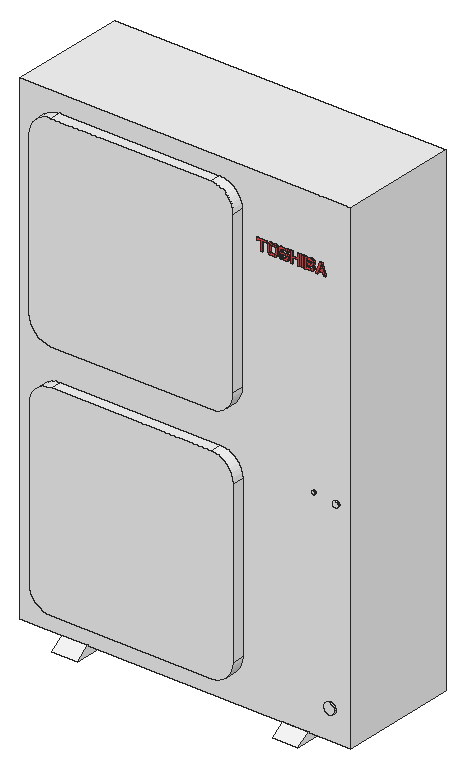
Revit family "RAV_GM1ATP_160_Outdoor Unit", category Mechanical Equipment, Revit 2017
Family settings
  Round Connector Dimension = Use Diameter
  Part Type = Normal
  OmniClass Number = 23.75.00.00
  OmniClass Title = Climate Control (HVAC)
  Work Plane-Based = No
  Always vertical = Yes
  Cut with Voids When Loaded = No
  Shared = No
  Room Calculation Point = No
Parameters (values of type "RAV-GM1601AT8P-E")
  Width (mm) = 900 mm
  Wholesaler Art. No. = ""
  Wholesaler = ""
  Weight (Kg) = "-"
  Watermarked By = ""
  White = Colour RGB-255 255 255
  Voltage (V) = "3Phase 60Hz 380V"
  URL = "https://www.toshiba-carrier.co.jp/global/"
  Static pressure = "-"
  Sound pressure dB(A) - Cooling/Heating-Mid = "-"
  Sound pressure dB(A) - Cooling/Heating-Low = "-"
  Rated Capacity kW-Cooling/Heating = "-"
  Right Side Clearance (mm) [instance] = 300 mm
  Rear Clearance [instance] = 200 mm
  Pdesigh-Cooling/Heating = "-"
  Starting current = "-"
  Stabu Code = ""
  Sound pressure dB(A) - Cooling/Heating-High = "53 / 55"
  Left Side Clearance (mm) [instance] = 300 mm
  Service Area [instance] = no
  Running current-Heating = "-"
  Running current-Cooling = "-"
  Revit Version = "2017"  # constant formula
  Refrigerant information = "R32"
  Red = Colour RGB-250 000 000
  Product Line = "TCTC"  # constant formula
  Power consumption-Heating = "-"
  Power consumption-Cooling = "-"
  Rated Power Consumption kW-Cooling/Heating = "-"
  Operating range - Heating (°C) = "-15 to 15"
  Operating range - Cooling (°C) = "-15 to 46"
  Model = "RAV-GM1601AT8P-E"
  Manufacturer URL = "https://www.toshiba-carrier.co.jp/global/"
  Manufacturer Art. No. = "RAV-GM1601AT8P-E"
  Manufacturer = "Toshiba"  # constant formula
  MOCP (A) = "20"
  MEPcontent Class = "HEATPUMP"  # constant formula
  MCA (A) = "-"
  Internal Art. No. = ""
  Piping diameter (mm)-Liquid = 9.5 mm
  Piping diameter (mm)-Gas = 15.9 mm
  Height (mm) = 1340 mm
  GTIN = ""
  GLN = ""
  Front Clearance (mm) [instance] = 1000 mm
  Frequency (Hz) = "3Phase 50Hz 380-415V"
  Family Version = ""
  Energy class-Cooling/Heating = "-"
  ETIM Article Class = "EC001213"  # constant formula
  EMCS = "4"  # constant formula
  Duct diameters(mm) = "-"
  Drain pipe(mm) = "-"
  Description = "R32 DI"
  Depth (mm) = 320 mm
  Custom = no
  Copyright = "©Toshiba / HCL"  # constant formula
  Content Supplier URL = "www.hcltech.com"
  Compressor detail - Type = "Hermetic twin rotary compressor"
  Compressor detail - Motor output  (KW) = "-"
  Seasonal Efficiency-SEER  / SCOP = "-"
  Rated efficiency-EER / COP = "-"
  CB-NL Class = ""
  Base Family Version = ""
  Article Type = "RAV-GM1601AT8P-E"
  Article Description = "R32 DI"
  Airflow m3/h-Cooling/Heating = "6900"
Types (3, lengths in mm): name | Voltage (V) | Operating range - Heating (°C) | Model | Manufacturer Art. No. | MOCP (A) | Frequency (Hz) | Article Type
  (no name) | "3Phase 60Hz 380V" | "-15 to 15" | "RAV-GM1601AT8P-E" | "RAV-GM1601AT8P-E" | "20" | "3Phase 50Hz 380-415V" | "RAV-GM1601AT8P-E"
  RAV-GM1601ATP-E | "60Hz 220V" | "-20 to 15" | "RAV-GM1601ATP-E" | "RAV-GM1601ATP-E" | "32" | "50Hz 220-240V" | "RAV-GM1601ATP-E"
  RAV-GM1601AT8P-E | "3Phase 60Hz 380V" | "-15 to 15" | "RAV-GM1601AT8P-E" | "RAV-GM1601AT8P-E" | "20" | "3Phase 50Hz 380-415V" | "RAV-GM1601AT8P-E"
Reference planes
  plane 1 "Center (Front/Back)": y = 0
  plane 2: z = 280
  plane 3 "Center (Left/Right)": x = 0
  plane 4: x = -450
  plane 5: y = 160
  plane 6: y = -160
  plane 7: x = 450
  plane 8: z = 1620
  plane 9: z = 304
  plane 10: x = -300
  plane 11: x = 300
  plane 12: y = 114
  plane 13: x = -123
Forms (mm)
  Extrusion 1, solid, material "Colour RGB-255 255 255"
    sketch origin (-5, 0, 280) x (1, 0, 0) y (0, 1, 0)
      loop
        line (-445, 160) -> (-445, -160) -> (455, -160) -> (455, 160) -> (-445, 160)
    from 24 to 1340
  Extrusion 2, solid, material "Colour RGB-250 000 000", detail levels fine
    sketch origin (-524.69, -160, 1276.102) x (1, 0, 0) y (0, 0, 1)
      loop
        line (720.557, 183.819) -> (720.557, 178.819) -> (730.557, 178.819) -> (730.557, 153.819) -> (735.557, 153.819) -> (735.557, 178.819) -> (745.557, 178.819) -> (745.557, 183.819) -> (720.557, 183.819)
      loop
        arc (788.557, 171.632) -> (786.436, 172.51) -> (785.557, 174.632) r 3
        line (785.557, 174.632) -> (785.557, 175.819)
        arc (785.557, 175.819) -> (786.436, 177.941) -> (788.557, 178.819) r 3
        line (788.557, 178.819) -> (797.557, 178.819)
        arc (797.557, 178.819) -> (799.678, 177.941) -> (800.557, 175.819) r 3
        line (800.557, 175.819) -> (805.557, 175.819) -> (805.557, 177.819)
        arc (805.557, 177.819) -> (803.8, 182.062) -> (799.557, 183.819) r 6
        line (799.557, 183.819) -> (786.557, 183.819)
        arc (786.557, 183.819) -> (782.315, 182.062) -> (780.557, 177.819) r 6
        line (780.557, 177.819) -> (780.557, 172.632)
        arc (780.557, 172.632) -> (782.315, 168.389) -> (786.557, 166.632) r 6
        line (786.557, 166.632) -> (797.557, 166.632)
        arc (797.557, 166.632) -> (799.678, 165.753) -> (800.557, 163.632) r 3
        line (800.557, 163.632) -> (800.557, 161.819)
        arc (800.557, 161.819) -> (799.678, 159.698) -> (797.557, 158.819) r 3
        line (797.557, 158.819) -> (788.545, 158.819)
        arc (788.545, 158.819) -> (786.432, 159.694) -> (785.557, 161.807) r 2.988
        line (785.557, 161.807) -> (780.557, 161.807) -> (780.557, 159.819)
        arc (780.557, 159.819) -> (782.315, 155.577) -> (786.557, 153.819) r 6
        line (786.557, 153.819) -> (799.557, 153.819)
        arc (799.557, 153.819) -> (803.8, 155.577) -> (805.557, 159.819) r 6
        line (805.557, 159.819) -> (805.557, 165.632)
        arc (805.557, 165.632) -> (803.8, 169.874) -> (799.557, 171.632) r 6
        line (799.557, 171.632) -> (788.557, 171.632)
      loop
        line (750.557, 177.819) -> (750.557, 159.819)
        arc (750.557, 159.819) -> (752.315, 155.577) -> (756.557, 153.819) r 6
        line (756.557, 153.819) -> (769.557, 153.819)
        arc (769.557, 153.819) -> (773.8, 155.577) -> (775.557, 159.819) r 6
        line (775.557, 159.819) -> (775.557, 177.819)
        arc (775.557, 177.819) -> (773.8, 182.062) -> (769.557, 183.819) r 6
        line (769.557, 183.819) -> (756.557, 183.819)
        arc (756.557, 183.819) -> (752.315, 182.062) -> (750.557, 177.819) r 6
      loop
        line (811.182, 183.819) -> (811.182, 153.819) -> (816.182, 153.819) -> (816.182, 166.632) -> (831.182, 166.632) -> (831.182, 153.819) -> (836.182, 153.819) -> (836.182, 183.819) -> (831.182, 183.819) -> (831.182, 171.632) -> (816.182, 171.632) -> (816.182, 183.819) -> (811.182, 183.819)
      loop
        line (755.557, 175.819) -> (755.557, 161.819)
        arc (755.557, 161.819) -> (756.436, 159.698) -> (758.557, 158.819) r 3
        line (758.557, 158.819) -> (767.557, 158.819)
        arc (767.557, 158.819) -> (769.678, 159.698) -> (770.557, 161.819) r 3
        line (770.557, 161.819) -> (770.557, 175.819)
        arc (770.557, 175.819) -> (769.678, 177.941) -> (767.557, 178.819) r 3
        line (767.557, 178.819) -> (758.557, 178.819)
        arc (758.557, 178.819) -> (756.436, 177.941) -> (755.557, 175.819) r 3
      loop
        line (841.182, 183.819) -> (841.182, 153.819) -> (846.182, 153.819) -> (846.182, 183.819) -> (841.182, 183.819)
      loop
        line (851.182, 183.819) -> (851.182, 153.819) -> (868.19, 153.819)
        arc (868.19, 153.819) -> (873.724, 156.042) -> (876.182, 161.476) r 8
        arc (876.182, 161.476) -> (874.843, 165.731) -> (871.309, 168.453) r 7.431
        arc (871.309, 168.453) -> (874.856, 171.192) -> (876.182, 175.473) r 7.431
        arc (876.182, 175.473) -> (873.968, 181.352) -> (868.19, 183.819) r 8
        line (868.19, 183.819) -> (851.182, 183.819)
      loop
        line (856.182, 178.819) -> (856.182, 171.632) -> (867.615, 171.632)
        arc (867.615, 171.632) -> (871.208, 175.226) -> (867.615, 178.819) r 3.594
        line (867.615, 178.819) -> (856.182, 178.819)
      loop
        line (856.182, 166.319) -> (856.182, 158.819) -> (867.642, 158.819)
        arc (867.642, 158.819) -> (871.392, 162.569) -> (867.642, 166.319) r 3.75
        line (867.642, 166.319) -> (856.182, 166.319)
      loop
        line (891.182, 183.819) -> (881.182, 153.819) -> (886.453, 153.819) -> (888.64, 160.382) -> (898.724, 160.382) -> (900.912, 153.819) -> (906.182, 153.819) -> (896.182, 183.819) -> (891.182, 183.819)
      loop
        line (890.307, 165.382) -> (897.058, 165.382) -> (893.682, 175.508) -> (890.307, 165.382)
    from 0 to 2
  Extrusion 3, solid, material "Colour RGB-255 255 255" <- "White", detail levels fine
    sketch origin (-501, -1500, 1620) x (0, -1, 0) y (-1, 0, 0)
      loop
        circle (-1614, -426) r 12.5
    from 1316 to 1319.04
  Extrusion 4, solid, material "Colour RGB-255 255 255" <- "White", detail levels fine
    sketch origin (-495, -160, 1200) x (1, 0, 0) y (0, 0, 1)
      loop
        circle (845, -307) r 4.75
      loop
        circle (905, -315) r 7.95
    from 0 to 3.029
  Extrusion 5, solid, material "Colour RGB-255 255 255", detail levels medium+fine
    sketch origin (-450, 195, 1200) x (0, -1, 0) y (0, 0, 1)
      loop
        line (391.5, -920) -> (355, -896) -> (35, -896) -> (-1.5, -920) -> (391.5, -920)
    from -185 to -115
  Extrusion 6, solid, material "Colour RGB-255 255 255" <- "White", detail levels fine
    sketch origin (-503.883, -160, 1171.574) x (1, 0, 0) y (0, 0, 1)
      loop
        circle (896.859, -789.679) r 15
    from 0 to 3.029
  Extrusion 7, solid, material "Colour RGB-255 255 255", detail levels medium+fine
    sketch origin (450, 195, 1200) x (0, -1, 0) y (0, 0, -1)
      loop
        line (391.5, 920) -> (-1.5, 920) -> (35, 896) -> (355, 896) -> (391.5, 920)
    from -185 to -115
Lines and regions (mm)
  model lines, detail levels fine
    curve 1: line (-450, -160, 1576) -> (-450, 160, 1576)
    curve 2: line (450, -160, 1585) -> (-450, -160, 1585)
    curve 3: line (174, -160, 304) -> (174, -160, 1585)
    curve 4: line (450, -160, 1576) -> (450, 160, 1576)
    curve 5: line (386.5, 160, 333.5) -> (386.5, 160, 1620)
    curve 6: line (-189.5, 160, 333.5) -> (391.5, 160, 333.5)
    curve 7: line (391.5, 160, 334) -> (391.5, 160, 333.5)
    curve 8: line (-189.5, 160, 1620) -> (-189.5, 160, 328.5)
    curve 9: line (-450, 160, 328.5) -> (-189.5, 160, 328.5)
    curve 10: line (-397.2, 140.3, 1620) -> (397.2, 140.3, 1620)
    curve 11: line (-406, 72.1, 1620) -> (-406, 131.5, 1620)
    curve 12: line (397.2, 63.3, 1620) -> (-397.2, 63.3, 1620)
    curve 13: line (406, 131.5, 1620) -> (406, 72.1, 1620)
    curve 14: arc (-397.2, 140.3, 1620) -> (-403.423, 137.723, 1620) -> (-406, 131.5, 1620) r 8.8
    curve 15: arc (-406, 72.1, 1620) -> (-403.423, 65.877, 1620) -> (-397.2, 63.3, 1620) r 8.8
    curve 16: arc (406, 131.5, 1620) -> (403.423, 137.723, 1620) -> (397.2, 140.3, 1620) r 8.8
    curve 17: arc (406, 72.1, 1620) -> (403.423, 65.877, 1620) -> (397.2, 63.3, 1620) r 8.8
    curve 18: line (-397.2, 45.352, 1620) -> (397.2, 45.352, 1620)
    curve 19: line (-406, -27.848, 1620) -> (-406, 36.552, 1620)
    curve 20: line (397.2, -36.648, 1620) -> (-397.2, -36.648, 1620)
    curve 21: line (406, 36.552, 1620) -> (406, -27.848, 1620)
    curve 22: arc (-397.2, 45.352, 1620) -> (-403.423, 42.774, 1620) -> (-406, 36.552, 1620) r 8.8
    curve 23: arc (-406, -27.848, 1620) -> (-403.423, -34.071, 1620) -> (-397.2, -36.648, 1620) r 8.8
    curve 24: arc (406, 36.552, 1620) -> (403.423, 42.774, 1620) -> (397.2, 45.352, 1620) r 8.8
    curve 25: arc (406, -27.848, 1620) -> (403.423, -34.071, 1620) -> (397.2, -36.648, 1620) r 8.8
    curve 26: line (-397.2, -59.648, 1620) -> (397.2, -59.648, 1620)
    curve 27: line (-406, -121.2, 1620) -> (-406, -68.448, 1620)
    curve 28: line (397.2, -130, 1620) -> (-397.2, -130, 1620)
    curve 29: line (406, -68.448, 1620) -> (406, -121.2, 1620)
    curve 30: arc (-397.2, -59.648, 1620) -> (-403.423, -62.226, 1620) -> (-406, -68.448, 1620) r 8.8
    curve 31: arc (-406, -121.2, 1620) -> (-403.423, -127.423, 1620) -> (-397.2, -130, 1620) r 8.8
    curve 32: arc (406, -68.448, 1620) -> (403.423, -62.226, 1620) -> (397.2, -59.648, 1620) r 8.8
    curve 33: arc (406, -121.2, 1620) -> (403.423, -127.423, 1620) -> (397.2, -130, 1620) r 8.8
    curve 34: line (275, -160, 495.644) -> (450, -160, 495.644)
    curve 35: line (275, -160, 304) -> (275, -160, 495.644)
    curve 36: line (450, -160, 304) -> (275, -160, 304)
    curve 37: line (450, -160, 495.644) -> (450, -160, 304)
    curve 38: line (352, -160, 430) -> (432, -160, 430)
    curve 39: line (352, -160, 335) -> (352, -160, 430)
    curve 40: line (432, -160, 335) -> (352, -160, 335)
    curve 41: line (432, -160, 430) -> (432, -160, 335)
    curve 42: circle (315, -160, 435) r 19 normal (0, -1, 0)
    curve 43: line (450, -37.646, 1541.63) -> (450, 117.354, 1541.63)
    curve 44: line (450, -37.646, 455.63) -> (450, -37.646, 1541.63)
    curve 45: line (450, 117.354, 455.63) -> (450, -37.646, 455.63)
    curve 46: line (450, 117.354, 1541.63) -> (450, 117.354, 455.63)
    curve 47: line (450, -142, 430) -> (450, -62, 430)
    curve 48: line (450, -142, 335) -> (450, -142, 430)
    curve 49: line (450, -62, 335) -> (450, -142, 335)
    curve 50: line (450, -62, 430) -> (450, -62, 335)
    curve 51: circle (450, -9, 374) r 15 normal (-1, 0, 0)
    curve 52: line (450, -52.646, 1576) -> (450, -52.646, 304)
    curve 53: line (-450, -142, 1561.426) -> (-450, -102, 1561.426)
    curve 54: line (-450, -142, 991.426) -> (-450, -142, 1561.426)
    curve 55: line (-450, -102, 991.426) -> (-450, -142, 991.426)
    curve 56: line (-450, -102, 1561.426) -> (-450, -102, 991.426)
    curve 57: line (-450, -82, 1561.426) -> (-450, -17, 1561.426)
    curve 58: line (-450, -82, 991.426) -> (-450, -82, 1561.426)
    curve 59: line (-450, -17, 991.426) -> (-450, -82, 991.426)
    curve 60: line (-450, -17, 1561.426) -> (-450, -17, 991.426)
    curve 61: line (-450, 142, 1561.426) -> (-450, 77, 1561.426)
    curve 62: line (-450, 142, 991.426) -> (-450, 142, 1561.426)
    curve 63: line (-450, 77, 991.426) -> (-450, 142, 991.426)
    curve 64: line (-450, 77, 1561.426) -> (-450, 77, 991.426)
    curve 65: line (-450, 57, 1561.426) -> (-450, 17, 1561.426)
    curve 66: line (-450, 57, 991.426) -> (-450, 57, 1561.426)
    curve 67: line (-450, 17, 991.426) -> (-450, 57, 991.426)
    curve 68: line (-450, 17, 1561.426) -> (-450, 17, 991.426)
    curve 69: line (-450, -142, 971.426) -> (-450, -102, 971.426)
    curve 70: line (-450, -142, 706.426) -> (-450, -142, 971.426)
    curve 71: line (-450, -102, 706.426) -> (-450, -142, 706.426)
    curve 72: line (-450, -102, 971.426) -> (-450, -102, 706.426)
    curve 73: line (-450, -82, 971.426) -> (-450, -17, 971.426)
    curve 74: line (-450, -82, 706.426) -> (-450, -82, 971.426)
    curve 75: line (-450, -17, 706.426) -> (-450, -82, 706.426)
    curve 76: line (-450, -17, 971.426) -> (-450, -17, 706.426)
    curve 77: line (-450, 142, 971.426) -> (-450, 77, 971.426)
    curve 78: line (-450, 142, 706.426) -> (-450, 142, 971.426)
    curve 79: line (-450, 77, 706.426) -> (-450, 142, 706.426)
    curve 80: line (-450, 77, 971.426) -> (-450, 77, 706.426)
    curve 81: line (-450, 57, 971.426) -> (-450, 17, 971.426)
    curve 82: line (-450, 57, 706.426) -> (-450, 57, 971.426)
    curve 83: line (-450, 17, 706.426) -> (-450, 57, 706.426)
    curve 84: line (-450, 17, 971.426) -> (-450, 17, 706.426)
    curve 85: line (-450, -142, 619) -> (-450, -102, 619)
    curve 86: line (-450, -142, 310) -> (-450, -142, 619)
    curve 87: line (-450, -102, 310) -> (-450, -142, 310)
    curve 88: line (-450, -102, 619) -> (-450, -102, 310)
    curve 89: line (-450, -82, 619) -> (-450, -17, 619)
    curve 90: line (-450, -82, 334) -> (-450, -82, 619)
    curve 91: line (-450, -17, 334) -> (-450, -82, 334)
    curve 92: line (-450, -17, 619) -> (-450, -17, 334)
    curve 93: line (-450, 142, 619) -> (-450, 77, 619)
    curve 94: line (-450, 142, 334) -> (-450, 142, 619)
    curve 95: line (-450, 77, 334) -> (-450, 142, 334)
    curve 96: line (-450, 77, 619) -> (-450, 77, 334)
    curve 97: line (-450, 57, 619) -> (-450, 17, 619)
    curve 98: line (-450, 57, 334) -> (-450, 57, 619)
    curve 99: line (-450, 17, 334) -> (-450, 57, 334)
    curve 100: line (-450, 17, 619) -> (-450, 17, 334)
    curve 101: line (-450, -126.487, 682.5) -> (-450, 17, 682.5)
    curve 102: line (-450, -126.487, 634.713) -> (-450, -126.487, 682.5)
    curve 103: line (-450, 17, 634.713) -> (-450, -126.487, 634.713)
    curve 104: line (-450, 17, 682.5) -> (-450, 17, 634.713)
    curve 105: line (-450, 37.078, 676.688) -> (-450, 97.078, 676.688)
    curve 106: line (-450, 37.078, 646.688) -> (-450, 37.078, 676.688)
    curve 107: line (-450, 97.078, 646.688) -> (-450, 37.078, 646.688)
    curve 108: line (-450, 97.078, 676.688) -> (-450, 97.078, 646.688)
    curve 109: line (-211.5, 160, 1556.051) -> (-291.5, 160, 1556.051)
    curve 110: line (-211.5, 160, 366.051) -> (-211.5, 160, 1556.051)
    curve 111: line (-291.5, 160, 366.051) -> (-211.5, 160, 366.051)
    curve 112: line (-291.5, 160, 1556.051) -> (-291.5, 160, 366.051)
    curve 113: line (-368.75, 160, 1420.302) -> (-383.75, 160, 1420.302)
    curve 114: line (-368.75, 160, 1100.302) -> (-368.75, 160, 1420.302)
    curve 115: line (-383.75, 160, 1100.302) -> (-368.75, 160, 1100.302)
    curve 116: line (-383.75, 160, 1420.302) -> (-383.75, 160, 1100.302)
    curve 117: line (-368.75, 160, 942.164) -> (-383.75, 160, 942.164)
    curve 118: line (-368.75, 160, 350.5) -> (-368.75, 160, 942.164)
    curve 119: line (-383.75, 160, 350.5) -> (-368.75, 160, 350.5)
    curve 120: line (-383.75, 160, 942.164) -> (-383.75, 160, 350.5)
    curve 121: line (-345.477, 160, 1046.238) -> (-400.477, 160, 1046.238)
    curve 122: line (-345.477, 160, 1006.238) -> (-345.477, 160, 1046.238)
    curve 123: line (-400.477, 160, 1006.238) -> (-345.477, 160, 1006.238)
    curve 124: line (-400.477, 160, 1046.238) -> (-400.477, 160, 1006.238)
    curve 125: line (-374.22, 160, 1585) -> (-438.22, 160, 1585)
    curve 126: line (-374.22, 160, 1490) -> (-374.22, 160, 1585)
    curve 127: line (-438.22, 160, 1490) -> (-374.22, 160, 1490)
    curve 128: line (-438.22, 160, 1585) -> (-438.22, 160, 1490)
    curve 129: line (386.5, 160, 1576) -> (-189.5, 160, 1576)
    curve 130: line (-364.22, 160, 1620) -> (-364.22, 160, 1470)
    curve 131: line (-399.22, 160, 1435) -> (-450, 160, 1435)
    curve 132: arc (-399.22, 160, 1435) -> (-374.471, 160, 1445.251) -> (-364.22, 160, 1470) r 35
Dimensions and locks
  "Depth (mm)": plane 6 to plane 5
  "Width (mm)": plane 4 to plane 7
  "Height (mm)": plane 8 to level
  locked: plane 9 to plane 2 at 24
  plane 4 to plane 10 = 150 mm
  plane 10 to plane 11 = 600 mm
  Extrusion 1 to plane 12 = 46 mm
  Extrusion 3 to plane 3 "Center (Left/Right)" = 75 mm
  nested 1 to level = 360 mm
  plane 4 to plane 13 = 327 mm
  nested 3 to nested 1 = 655 mm
  plane 4 to plane 7 = 900 mm
  Extrusion 4 to level = 605 mm
  Extrusion 4 to level = 613 mm
  curve 42 to level = 155 mm
  curve 42 to plane 7 = 135 mm
  level to plane 8 = 1340 mm
  plane 6 to plane 5 = 320 mm
  aligned and locked: level to plane 2
  aligned and locked: Extrusion 1 to plane 5
  aligned and locked: plane 6 to Extrusion 1
  aligned and locked: plane 4 to Extrusion 1
  aligned and locked: Extrusion 1 to plane 7
  aligned and locked: Extrusion 1 to plane 8
  aligned and locked: plane 7 to curve 37
  aligned and locked: plane 9 to Extrusion 5 sketch curve
  aligned and locked: Extrusion 1 to plane 9
  aligned and locked: plane 9 to curve 3
  aligned and locked: plane 8 to curve 5
  aligned and locked: plane 8 to curve 8
  aligned and locked: nested 2 to plane 2
  aligned and locked: Extrusion 3 to Extrusion 1
  aligned and locked: nested 2 to plane 5
  aligned and locked: Extrusion 4 to Extrusion 6
Automatic sketch dimensions
  Extrusion 1 sketch curve to plane 4 = 0 mm
  plane 6 to Extrusion 1 sketch curve = 0 mm
  Extrusion 1 sketch curve to plane 7 = 0 mm
  plane 5 to Extrusion 1 sketch curve = 0 mm
  curve 1 to plane 5 = 0 mm
  curve 1 to plane 6 = 0 mm
  plane 5 to curve 77 = 18 mm
  plane 5 to curve 61 = 18 mm
  plane 5 to curve 93 = 18 mm
  curve 93 to curve 108 = 44.922 mm
  curve 105 to curve 79 = 20.078 mm
  curve 61 to curve 61 = 65 mm
  curve 107 to curve 93 = 20.078 mm
  curve 61 to curve 66 = 20 mm
  curve 77 to curve 81 = 20 mm
  curve 95 to curve 99 = 20 mm
  curve 97 to curve 106 = 19.922 mm
  curve 84 to plane 1 "Center (Front/Back)" = 17 mm
  curve 100 to plane 1 "Center (Front/Back)" = 17 mm
  curve 101 to plane 1 "Center (Front/Back)" = 17 mm
  curve 65 to plane 1 "Center (Front/Back)" = 17 mm
  plane 1 "Center (Front/Back)" to curve 89 = 17 mm
  plane 1 "Center (Front/Back)" to curve 60 = 17 mm
  plane 1 "Center (Front/Back)" to curve 73 = 17 mm
  curve 57 to curve 58 = 65 mm
  curve 89 to curve 89 = 65 mm
  curve 74 to curve 58 = 0 mm
  curve 58 to curve 56 = 20 mm
  curve 74 to curve 72 = 20 mm
  plane 9 to curve 88 = 6 mm
  curve 90 to curve 88 = 20 mm
  curve 85 to curve 103 = 24.487 mm
  curve 86 to plane 6 = 18 mm
  curve 69 to plane 6 = 18 mm
  curve 54 to plane 6 = 18 mm
  plane 9 to curve 95 = 30 mm
  plane 9 to curve 92 = 30 mm
  curve 95 to curve 98 = 0 mm
  curve 91 to curve 92 = 285 mm
  curve 100 to curve 89 = 0 mm
  curve 89 to curve 88 = 0 mm
  curve 96 to curve 97 = 0 mm
  curve 97 to curve 103 = 15.713 mm
  curve 93 to curve 108 = 27.688 mm
  curve 106 to curve 106 = 30 mm
  curve 105 to curve 101 = 5.812 mm
  curve 101 to curve 75 = 23.926 mm
  curve 74 to curve 72 = 0 mm
  curve 105 to curve 78 = 29.738 mm
  curve 79 to curve 82 = 0 mm
  curve 83 to curve 84 = 265 mm
  curve 80 to curve 81 = 0 mm
  curve 81 to curve 76 = 0 mm
  curve 73 to curve 72 = 0 mm
  curve 81 to curve 68 = 20 mm
  curve 69 to curve 55 = 20 mm
  curve 64 to curve 66 = 0 mm
  curve 73 to curve 58 = 20 mm
  plane 8 to curve 61 = 58.574 mm
  plane 8 to curve 60 = 58.574 mm
  curve 65 to curve 57 = 0 mm
  curve 57 to curve 56 = 0 mm
  curve 53 to curve 1 = 14.574 mm
  plane 4 to curve 2 = 0 mm
  curve 35 to plane 9 = 0 mm
  plane 7 to curve 2 = 0 mm
  curve 34 to curve 42 = 40 mm
  curve 38 to curve 34 = 65.644 mm
  curve 3 to curve 35 = 101 mm
  plane 8 to curve 2 = 35 mm
  plane 4 to curve 131 = 0 mm
  plane 4 to curve 9 = 0 mm
  curve 130 to plane 8 = 0 mm
  curve 125 to plane 4 = 11.78 mm
  curve 124 to plane 4 = 49.523 mm
  curve 131 to plane 4 = 50.78 mm
  curve 121 to curve 116 = 16.727 mm
  curve 119 to plane 4 = 66.25 mm
  curve 125 to curve 125 = 64 mm
  curve 117 to curve 117 = 15 mm
  curve 115 to curve 114 = 15 mm
  curve 126 to curve 130 = 10 mm
  plane 10 to curve 122 = 45.477 mm
  curve 112 to plane 10 = 8.5 mm
  curve 111 to curve 110 = 80 mm
  curve 110 to curve 8 = 22 mm
  plane 7 to curve 7 = 58.5 mm
  plane 8 to curve 125 = 35 mm
  plane 8 to curve 109 = 63.949 mm
  curve 127 to curve 125 = 95 mm
  curve 132 to curve 126 = 20 mm
  curve 114 to curve 131 = 14.698 mm
  curve 116 to curve 113 = 320 mm
  curve 121 to curve 115 = 54.064 mm
  curve 123 to curve 121 = 40 mm
  curve 117 to curve 122 = 64.074 mm
  plane 9 to curve 111 = 62.051 mm
  plane 9 to curve 118 = 46.5 mm
  plane 9 to curve 7 = 29.5 mm
  curve 9 to curve 6 = 5 mm
  plane 7 to curve 5 = 63.5 mm
  curve 109 to curve 129 = 19.949 mm
  curve 6 to curve 7 = 0.5 mm
  curve 4 to plane 5 = 0 mm
  curve 52 to plane 9 = 0 mm
  curve 4 to plane 6 = 0 mm
  plane 5 to curve 46 = 42.646 mm
  plane 1 "Center (Front/Back)" to curve 43 = 37.646 mm
  curve 44 to curve 47 = 24.354 mm
  curve 48 to plane 6 = 18 mm
  plane 9 to curve 48 = 31 mm
  curve 48 to curve 48 = 95 mm
  plane 9 to curve 46 = 151.63 mm
  plane 8 to curve 46 = 78.37 mm
  curve 52 to curve 49 = 9.354 mm
  curve 43 to curve 52 = 34.37 mm
  plane 5 to curve 10 = 19.7 mm
  curve 10 to curve 11 = 8.8 mm
  curve 10 to curve 13 = 8.8 mm
  curve 13 to curve 13 = 59.4 mm
  curve 14 to curve 15 = 59.4 mm
  curve 15 to curve 12 = 8.8 mm
  curve 12 to curve 18 = 17.948 mm
  curve 18 to curve 24 = 8.8 mm
  curve 18 to curve 22 = 8.8 mm
  plane 1 "Center (Front/Back)" to curve 21 = 27.848 mm
  plane 1 "Center (Front/Back)" to curve 23 = 27.848 mm
  curve 23 to curve 20 = 8.8 mm
  curve 20 to curve 26 = 23 mm
  curve 26 to curve 29 = 8.8 mm
  curve 26 to curve 27 = 8.8 mm
  curve 31 to plane 6 = 38.8 mm
  curve 33 to plane 6 = 38.8 mm
  curve 31 to curve 28 = 8.8 mm
  curve 19 to plane 4 = 44 mm
  curve 11 to curve 22 = 8.8 mm
  curve 27 to plane 4 = 44 mm
  plane 7 to curve 33 = 52.8 mm
  curve 20 to curve 26 = 0 mm
  plane 7 to curve 10 = 52.8 mm
  plane 3 "Center (Left/Right)" to Extrusion 2 sketch curve = 195.867 mm
  Extrusion 2 sketch curve to Extrusion 2 sketch curve = 10 mm  (x2)
  Extrusion 2 sketch curve to Extrusion 2 sketch curve = 5 mm  (x21)
  Extrusion 2 sketch curve to Extrusion 2 sketch curve = 15 mm  (x2)
  Extrusion 2 sketch curve to Extrusion 2 sketch curve = 1 mm  (x12)
  Extrusion 2 sketch curve to Extrusion 2 sketch curve = 2 mm  (x12)
  Extrusion 2 sketch curve to Extrusion 2 sketch curve = 9 mm  (x3)
  Extrusion 2 sketch curve to Extrusion 2 sketch curve = 1.988 mm
  Extrusion 2 sketch curve to Extrusion 2 sketch curve = 9.012 mm
  Extrusion 2 sketch curve to Extrusion 2 sketch curve = 0 mm  (x12)
  Extrusion 2 sketch curve to Extrusion 2 sketch curve = 5.625 mm
  Extrusion 2 sketch curve to Extrusion 2 sketch curve = 10.625 mm
  Extrusion 2 sketch curve to Extrusion 2 sketch curve = 11.432 mm
  Extrusion 2 sketch curve to Extrusion 2 sketch curve = 0.028 mm
  Extrusion 2 sketch curve to Extrusion 2 sketch curve = 0.547 mm
  Extrusion 2 sketch curve to Extrusion 2 sketch curve = 0.575 mm
  Extrusion 2 sketch curve to Extrusion 2 sketch curve = 0.561 mm  (x2)
  Extrusion 2 sketch curve to Extrusion 2 sketch curve = 12.993 mm
  Extrusion 2 sketch curve to Extrusion 2 sketch curve = 5.27 mm  (x2)
  Extrusion 2 sketch curve to Extrusion 2 sketch curve = 2.187 mm  (x2)
  Extrusion 2 sketch curve to Extrusion 2 sketch curve = 1.667 mm  (x2)
  Extrusion 2 sketch curve to Extrusion 2 sketch curve = 0.875 mm
  Extrusion 2 sketch curve to Extrusion 2 sketch curve = 2.5 mm
  Extrusion 2 sketch curve to Extrusion 2 sketch curve = 6.751 mm
  plane 8 to Extrusion 2 sketch curve = 190.079 mm
  Extrusion 2 sketch curve to Extrusion 2 sketch curve = 6 mm
  Extrusion 2 sketch curve to Extrusion 2 sketch curve = 6.562 mm
  Extrusion 2 sketch curve to Extrusion 2 sketch curve = 2.656 mm
  Extrusion 2 sketch curve to Extrusion 2 sketch curve = 0.344 mm
  Extrusion 2 sketch curve to Extrusion 2 sketch curve = 0.75 mm
  Extrusion 2 sketch curve to Extrusion 2 sketch curve = 1.812 mm
  Extrusion 2 sketch curve to Extrusion 2 sketch curve = 5.312 mm
  Extrusion 2 sketch curve to Extrusion 2 sketch curve = 3.594 mm
  Extrusion 2 sketch curve to Extrusion 2 sketch curve = 0.204 mm
  Extrusion 2 sketch curve to Extrusion 2 sketch curve = 10.126 mm
  Extrusion 2 sketch curve to Extrusion 2 sketch curve = 4.188 mm
  Extrusion 2 sketch curve to Extrusion 2 sketch curve = 14 mm
  Extrusion 2 sketch curve to Extrusion 2 sketch curve = 0.39 mm
  Extrusion 2 sketch curve to Extrusion 2 sketch curve = 8.311 mm
  Extrusion 2 sketch curve to Extrusion 2 sketch curve = 12.187 mm  (x2)
  Extrusion 2 sketch curve to Extrusion 2 sketch curve = 3.667 mm
  plane 5 to Extrusion 3 sketch curve = 46 mm
  Extrusion 3 sketch curve to plane 3 "Center (Left/Right)" = 75 mm
  plane 7 to Extrusion 4 sketch curve = 100 mm
  plane 7 to Extrusion 4 sketch curve = 40 mm
  Extrusion 1 to curve 51 = 70 mm
  Extrusion 1 to curve 51 = 151 mm
  Extrusion 5 sketch curve to level = 0 mm
  Extrusion 5 sketch curve to plane 5 = 0 mm
  Extrusion 5 sketch curve to plane 6 = 0 mm
  Extrusion 5 sketch curve to plane 5 = 36.5 mm
  plane 6 to Extrusion 5 sketch curve = 36.5 mm
  plane 7 to Extrusion 6 sketch curve = 57.025 mm
  plane 9 to Extrusion 6 sketch curve = 77.895 mm
  Extrusion 7 sketch curve to level = 0 mm
  Extrusion 7 sketch curve to plane 5 = 0 mm
  Extrusion 7 sketch curve to plane 6 = 0 mm
  Extrusion 7 sketch curve to plane 9 = 0 mm
  Extrusion 7 sketch curve to plane 5 = 36.5 mm
  plane 6 to Extrusion 7 sketch curve = 36.5 mm
  Extrusion 4 sketch curve to Extrusion 4 sketch curve = 8 mm
  plane 9 to Extrusion 4 sketch curve = 581 mm
  curve 39 to plane 11 = 52 mm
  plane 7 to curve 38 = 18 mm
  curve 38 to curve 42 = 5 mm
  plane 9 to curve 41 = 31 mm
  radius of curve 42 = 19 mm
  radius of Extrusion 3 sketch curve = 12.5 mm
  radius of Extrusion 4 sketch curve = 4.75 mm
  radius of Extrusion 4 sketch curve = 7.95 mm
  radius of curve 51 = 15 mm
  radius of Extrusion 6 sketch curve = 15 mm
Nested families
  nested 1: "GRILL" at (-123, 223.923, 640) x (0, 0, -1) z (1, 0, 0), type "GRILL", detail levels medium+fine
  nested 2: "SERVICE AREA" at (0, 0, 280), visible <- "Service Area", SERVICE AREA <- "Service Area", type "SERVICE AREA"
    with SERVICE AREA no, Rear Clearance 200 mm, Left Side Clearance 300 mm, Front Clearance 1000 mm
  nested 3: "GRILL" at (-124.589, 223.923, 1295) x (0, 0, -1) z (1, 0, 0), type "GRILL", detail levels medium+fine
Connectors
  piping at (-75, 114, 300.96), diameter 25
    settings: on Extrusion 3, index 8, connector inside diameter 609.6 mm, connector length 0 mm, flow factor 0, pipe flow 0.0 L/s, pressure drop 0.0 Pa, fitting loss kfactor 0, connector angle 0.00°, fixture units 0, engagement length 0 mm, angle of deflection 0.00°, flow configuration 0, flow direction 2, fitting loss method 0, system type 17, joint type 0, gender type 0, connector reference index -1, connector utility 0, adjustable connector no, is connector primary yes, connector description "DRAIN PORT"
  piping at (410, -163.029, 885), diameter 15.9
    settings: on Extrusion 4, index 9, connector inside diameter 609.6 mm, connector length 0 mm, flow factor 0, pipe flow 0.0 L/s, pressure drop 0.0 Pa, fitting loss kfactor 0, connector angle 0.00°, fixture units 0, engagement length 0 mm, angle of deflection 0.00°, flow configuration 0, flow direction 2, fitting loss method 0, system type 8, joint type 0, gender type 0, connector reference index -1, connector utility 0, adjustable connector no, is connector primary no, connector description "Refrigerent pipe connecting port - Gas side @15.9mm"
  piping at (350, -163.029, 893), diameter 9.5
    settings: on Extrusion 4, index 10, connector inside diameter 609.6 mm, connector length 0 mm, flow factor 0, pipe flow 0.0 L/s, pressure drop 0.0 Pa, fitting loss kfactor 0, connector angle 0.00°, fixture units 0, engagement length 0 mm, angle of deflection 0.00°, flow configuration 0, flow direction 1, fitting loss method 0, system type 7, joint type 0, gender type 0, connector reference index -1, connector utility 0, adjustable connector no, is connector primary no, connector description "Refrigerent pipe connecting port - Liquid side @9.5mm"
  electrical at (392.975, -163.029, 381.895)
    settings: on Extrusion 6, index 11, voltage 0 V, apparent load 0 VA, apparent load phase1 0 VA, apparent load phase2 0 VA, apparent load phase3 0 VA, power factor 1, load classification "Other", number of poles 1, system type 31, power factor state 1, is connector primary yes, connector utility no, sub classification motor no, connector description "ELECTRICAL CONNECTOR"
Definition of nested family "GRILL"
  Reference planes
    plane 1 "Center (Front/Back)": y = 0
    plane 2: z = 0
    plane 3 "Center (Left/Right)": x = 0
    plane 4: y = -413.923
  Forms (mm)
    Extrusion 1, solid
      sketch origin (0, -413.923, -193.317) x (0, 0, -1) y (-1, 0, 0)
        loop
          line (-470.817, 217.5) -> (-470.817, -217.5)
          arc (-470.817, -217.5) -> (-453.244, -259.926) -> (-410.817, -277.5) r 60
          line (-410.817, -277.5) -> (24.183, -277.5)
          arc (24.183, -277.5) -> (66.609, -259.926) -> (84.183, -217.5) r 60
          line (84.183, -217.5) -> (84.183, 217.5)
          arc (84.183, 217.5) -> (66.609, 259.926) -> (24.183, 277.5) r 60
          line (24.183, 277.5) -> (-410.817, 277.5)
          arc (-410.817, 277.5) -> (-453.244, 259.926) -> (-470.817, 217.5) r 60
      from 0 to 30
  Lines and regions (mm)
    model lines
      curve 1: circle (0, -413.923, 0) r 220 normal (0, 1, 0)
      curve 2: circle (0, -413.923, 0) r 200 normal (0, 1, 0)
      curve 3: circle (0, -413.923, 0) r 180 normal (0, 1, 0)
      curve 4: circle (0, -413.923, 0) r 160 normal (0, 1, 0)
      curve 5: circle (0, -413.923, 0) r 140 normal (0, 1, 0)
      curve 6: circle (0, -413.923, 0) r 160 normal (0, 1, 0)
      curve 7: circle (0, -413.923, 0) r 120 normal (0, 1, 0)
      curve 8: circle (0, -413.923, 0) r 100 normal (0, 1, 0)
      curve 9: circle (0, -413.923, 0) r 240 normal (0, 1, 0)
      curve 10: circle (0, -413.923, 0) r 80 normal (0, 1, 0)
      curve 11: circle (0, -413.923, 0) r 260 normal (0, 1, 0)
      curve 12: circle (0, -413.923, 0) r 277.5 normal (0, 1, 0)
      curve 13: arc (-277.5, -413.923, 101.002) -> (-208.815, -413.923, 208.815) -> (-101.002, -413.923, 277.5) r 295.309
      curve 14: arc (-277.5, -413.923, 141.393) -> (-220.225, -413.923, 220.225) -> (-141.393, -413.923, 277.5) r 311.446
      curve 15: arc (-277.5, -413.923, 173.401) -> (-231.381, -413.923, 231.381) -> (-173.401, -413.923, 277.5) r 327.222
      curve 16: arc (-277.5, -413.923, 194.308) -> (-239.543, -413.923, 239.543) -> (-194.308, -413.923, 277.5) r 338.765
      curve 17: arc (-277.5, -413.923, 208.15) -> (-245.288, -413.923, 245.288) -> (-208.15, -413.923, 277.5) r 346.89
      curve 18: arc (-275.852, -413.923, 231.467) -> (-254.628, -413.923, 254.628) -> (-231.467, -413.923, 275.852) r 360.099
      curve 19: arc (277.5, -413.923, 101.002) -> (208.815, -413.923, 208.815) -> (101.002, -413.923, 277.5) r 295.309
      curve 20: arc (277.5, -413.923, 141.393) -> (220.225, -413.923, 220.225) -> (141.393, -413.923, 277.5) r 311.446
      curve 21: arc (277.5, -413.923, 173.401) -> (231.381, -413.923, 231.381) -> (173.401, -413.923, 277.5) r 327.222
      curve 22: arc (277.5, -413.923, 194.308) -> (239.543, -413.923, 239.543) -> (194.308, -413.923, 277.5) r 338.765
      curve 23: arc (277.5, -413.923, 208.15) -> (245.288, -413.923, 245.288) -> (208.15, -413.923, 277.5) r 346.89
      curve 24: arc (275.852, -413.923, 231.467) -> (254.628, -413.923, 254.628) -> (231.467, -413.923, 275.852) r 360.099
      curve 25: arc (-277.5, -413.923, -101.002) -> (-208.815, -413.923, -208.815) -> (-101.002, -413.923, -277.5) r 295.309
      curve 26: arc (-277.5, -413.923, -141.393) -> (-220.225, -413.923, -220.225) -> (-141.393, -413.923, -277.5) r 311.446
      curve 27: arc (-277.5, -413.923, -173.401) -> (-231.381, -413.923, -231.381) -> (-173.401, -413.923, -277.5) r 327.222
      curve 28: arc (-277.5, -413.923, -194.308) -> (-239.543, -413.923, -239.543) -> (-194.308, -413.923, -277.5) r 338.765
      curve 29: arc (-277.5, -413.923, -208.15) -> (-245.288, -413.923, -245.288) -> (-208.15, -413.923, -277.5) r 346.89
      curve 30: arc (-275.852, -413.923, -231.467) -> (-254.628, -413.923, -254.628) -> (-231.467, -413.923, -275.852) r 360.099
      curve 31: arc (277.5, -413.923, -101.002) -> (208.815, -413.923, -208.815) -> (101.002, -413.923, -277.5) r 295.309
      curve 32: arc (277.5, -413.923, -141.393) -> (220.225, -413.923, -220.225) -> (141.393, -413.923, -277.5) r 311.446
      curve 33: arc (277.5, -413.923, -173.401) -> (231.381, -413.923, -231.381) -> (173.401, -413.923, -277.5) r 327.222
      curve 34: arc (277.5, -413.923, -194.308) -> (239.543, -413.923, -239.543) -> (194.308, -413.923, -277.5) r 338.765
      curve 35: arc (277.5, -413.923, -208.15) -> (245.288, -413.923, -245.288) -> (208.15, -413.923, -277.5) r 346.89
      curve 36: arc (275.852, -413.923, -231.467) -> (254.628, -413.923, -254.628) -> (231.467, -413.923, -275.852) r 360.099
  Dimensions and locks
    equal spacing: Extrusion 1 sketch curve, plane 3 "Center (Left/Right)", Extrusion 1 sketch curve, locked at 277.5 each
    Extrusion 1 sketch curve to Extrusion 1 sketch curve = 555 mm
    locked: Extrusion 1 sketch curve to Extrusion 1 sketch curve at 555
    equal spacing: Extrusion 1 sketch curve, level, Extrusion 1 sketch curve, locked at 277.5 each
    aligned and locked: plane 2 to level
Definition of nested family "SERVICE AREA"
  Parameters (values of type "SERVICE AREA")
    Right Side Clearance = 300 mm
    Left Side Clearance [instance] = 300 mm
    SERVICE AREA [instance] = yes
    Rear Clearance [instance] = 200 mm
    Front Clearance [instance] = 1000 mm
  Reference planes
    plane 1 "Center (Front/Back)": y = 0
    plane 2: z = 0
    plane 3 "Center (Left/Right)": x = 0
    plane 4: y = -1160
    plane 5: x = -750
    plane 6: x = -450
    plane 7: y = -160
    plane 8: y = 160
    plane 9: x = 450
    plane 10: x = 750
    plane 11: y = 360
    plane 12: z = 1340
  Forms (mm)
    Extrusion 1, solid, visible <- "SERVICE AREA"
      sketch origin (0, 0, 0) x (1, 0, 0) y (0, 1, 0)
        loop
          line (-450, -160) -> (-450, 160) -> (-750, 160) -> (-750, -160) -> (-450, -160)
        loop
          line (450, 160) -> (450, -160) -> (750, -160) -> (750, 160) -> (450, 160)
      from 0 to 1340
    Extrusion 2, solid, visible <- "SERVICE AREA"
      sketch origin (-0.5, -425, 0) x (1, 0, 0) y (0, 1, 0)
        loop
          line (-449.5, 265) -> (-449.5, -735) -> (450.5, -735) -> (450.5, 265) -> (-449.5, 265)
        loop
          line (-449.5, 585) -> (450.5, 585) -> (450.5, 785) -> (-449.5, 785) -> (-449.5, 585)
      from 0 to 1340
  Dimensions and locks
    locked: plane 12 to level at 1340
    locked: plane 6 to plane 9 at 900
    locked: plane 7 to plane 8 at 320
    plane 5 to plane 6 = 300 mm
    Extrusion 2 to plane 10 = 300 mm
    aligned and locked: level to plane 2
    aligned and locked: Extrusion 1 to Extrusion 2
    aligned and locked: Extrusion 2 to Extrusion 1  (x5)
    aligned and locked: Extrusion 2 to plane 8
    aligned and locked: Extrusion 1 to plane 6
    aligned and locked: Extrusion 1 to plane 9
    aligned and locked: plane 10 to Extrusion 1
    aligned and locked: Extrusion 1 to plane 12
    aligned and locked: plane 7 to Extrusion 1  (x2)
    aligned and locked: plane 8 to Extrusion 1
    aligned and locked: plane 6 to Extrusion 2
